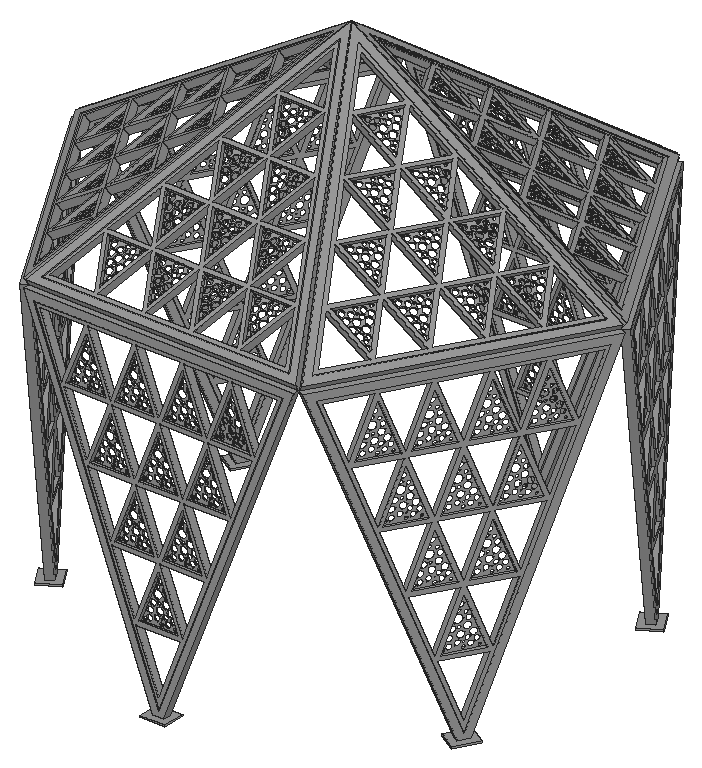
Revit family "Беседка «Трекант» Арт 19429", category Антураж, Revit 2018 (continued)
Dimensions and locks
  Extrusion 77 sketch curve to Extrusion 77 sketch curve to Extrusion 77 sketch curve to Extrusion 77 sketch curve to Extrusion 77 sketch curve to Extrusion 77 sketch curve to Extrusion 77 sketch curve to Extrusion 77 sketch curve to Extrusion 77 sketch curve to Extrusion 77 sketch curve = 331.624 mm, 25 mm locked, 331.5 mm, 25 mm locked, 331.5 mm, 25 mm locked, 331.5 mm, 25 mm locked, 331.5 mm
  aligned and locked: level to plane 2
Automatic sketch dimensions
  curve 12 to plane 8 "123" = 4.592 mm
  plane 5 to curve 12 = 2545 mm
  curve 16 to plane 8 "123" = 476.44 mm
  curve 12 to curve 16 = 1222.724 mm
  curve 16 to curve 15 = 9.597 mm
  curve 19 to plane 8 "123" = 75.01 mm
  curve 16 to curve 19 = 154.094 mm
  curve 15 to curve 17 = 154.098 mm
  curve 17 to curve 14 = 9.597 mm
  curve 19 to curve 21 = 173.294 mm
  curve 14 to curve 18 = 154.098 mm
  curve 18 to curve 13 = 9.597 mm
  curve 21 to curve 19 = 173.294 mm
  curve 20 to plane 8 "123" = 75.01 mm
  curve 19 to curve 20 = 308.189 mm
  curve 13 to curve 13 = 635.579 mm
  curve 13 to curve 18 = 9.597 mm
  curve 20 to curve 22 = 173.294 mm
  curve 18 to curve 14 = 154.098 mm
  curve 14 to curve 17 = 9.597 mm
  curve 22 to curve 20 = 173.294 mm
  curve 17 to curve 15 = 154.098 mm
  curve 15 to curve 16 = 9.597 mm
  curve 16 to curve 12 = 1467.724 mm
  curve 1 to plane 8 "123" = 4.592 mm
  curve 12 to curve 1 = 900 mm
  curve 5 to plane 8 "123" = 476.44 mm
  curve 1 to curve 5 = 1222.724 mm
  curve 5 to curve 4 = 9.597 mm
  curve 8 to plane 8 "123" = 75.01 mm
  curve 5 to curve 8 = 154.094 mm
  curve 4 to curve 6 = 154.098 mm
  curve 6 to curve 3 = 9.597 mm
  curve 8 to curve 10 = 173.294 mm
  curve 3 to curve 7 = 154.098 mm
  curve 7 to curve 2 = 9.597 mm
  curve 10 to curve 8 = 173.294 mm
  curve 9 to plane 8 "123" = 75.01 mm
  curve 8 to curve 9 = 308.189 mm
  curve 2 to curve 2 = 635.579 mm
  curve 2 to curve 7 = 9.597 mm
  curve 9 to curve 11 = 173.294 mm
  curve 7 to curve 3 = 154.098 mm
  curve 3 to curve 6 = 9.597 mm
  curve 11 to curve 9 = 173.294 mm
  curve 6 to curve 4 = 154.098 mm
  curve 4 to curve 5 = 9.597 mm
  curve 5 to curve 1 = 1467.724 mm
  curve 11 to curve 11 = 120 mm
  curve 22 to curve 22 = 120 mm
  curve 21 to curve 21 = 120 mm
  curve 10 to curve 10 = 120 mm
  curve 4 to curve 5 = 25 mm
  curve 15 to curve 16 = 25 mm
  curve 6 to curve 4 = 401.44 mm
  curve 17 to curve 15 = 401.44 mm
  curve 3 to curve 6 = 25 mm
  curve 14 to curve 17 = 25 mm
  curve 7 to curve 3 = 401.44 mm
  curve 18 to curve 14 = 401.44 mm
  curve 13 to curve 18 = 25 mm
  curve 2 to curve 7 = 25 mm
  Extrusion 1 sketch curve to plane 8 "123" = 0 mm
  Extrusion 1 sketch curve to level = 0 mm
  plane 3 "По центру (Влево/Вправо)" to Extrusion 1 sketch curve = 959.5 mm
  Extrusion 1 sketch curve to plane 8 "123" = 50 mm
  Extrusion 1 sketch curve to Extrusion 1 sketch curve = 72.75 mm  (x2)
  plane 3 "По центру (Влево/Вправо)" to Extrusion 1 sketch curve = 1842.231 mm
  level to Extrusion 1 sketch curve = 47.642 mm
  Extrusion 1 sketch curve to Extrusion 1 sketch curve = 35.269 mm  (x2)
  Extrusion 1 sketch curve to plane 5 = 1032.25 mm
  Extrusion 2 sketch curve to plane 8 "123" = 50 mm
  plane 3 "По центру (Влево/Вправо)" to Extrusion 2 sketch curve = 1032.25 mm
  Extrusion 2 sketch curve to Extrusion 2 sketch curve = 36.379 mm  (x2)
  Extrusion 2 sketch curve to plane 8 "123" = 476.44 mm  (x7)
  Extrusion 2 sketch curve to Extrusion 2 sketch curve = 154.094 mm  (x2)
  Extrusion 2 sketch curve to plane 8 "123" = 501.44 mm  (x4)
  Extrusion 2 sketch curve to Extrusion 2 sketch curve = 9.597 mm  (x13)
  Extrusion 2 sketch curve to Extrusion 2 sketch curve = 26.779 mm  (x8)
  Extrusion 2 sketch curve to plane 8 "123" = 75.01 mm  (x5)
  Extrusion 2 sketch curve to Extrusion 2 sketch curve = 308.189 mm  (x5)
  Extrusion 2 sketch curve to plane 8 "123" = 119.771 mm  (x4)
  Extrusion 2 sketch curve to Extrusion 2 sketch curve = 154.098 mm  (x3)
  Extrusion 2 sketch curve to Extrusion 2 sketch curve = 19.199 mm  (x4)
  Extrusion 2 sketch curve to Extrusion 2 sketch curve = 273.825 mm  (x10)
  Extrusion 2 sketch curve to Extrusion 2 sketch curve = 17.19 mm  (x4)
  Extrusion 2 sketch curve to plane 8 "123" = 546.211 mm  (x3)
  Extrusion 2 sketch curve to Extrusion 2 sketch curve = 9.593 mm  (x5)
  Extrusion 2 sketch curve to Extrusion 2 sketch curve = 9.595 mm  (x5)
  Extrusion 2 sketch curve to Extrusion 2 sketch curve = 19.191 mm  (x2)
  level to Extrusion 2 sketch curve = 543.832 mm  (x2)
  Extrusion 2 sketch curve to Extrusion 2 sketch curve = 19.189 mm  (x2)
  level to Extrusion 2 sketch curve = 47.642 mm
  level to Extrusion 2 sketch curve = 117.402 mm
  Extrusion 2 sketch curve to Extrusion 2 sketch curve = 0 mm  (x9)
  level to Extrusion 2 sketch curve = 900.501 mm
  Extrusion 2 sketch curve to Extrusion 2 sketch curve = 19.181 mm
  Extrusion 2 sketch curve to Extrusion 2 sketch curve = 19.185 mm
  Extrusion 2 sketch curve to Extrusion 2 sketch curve = 26.781 mm
  level to Extrusion 2 sketch curve = 518.832 mm
  Extrusion 2 sketch curve to Extrusion 2 sketch curve = 17.182 mm
  Extrusion 2 sketch curve to Extrusion 2 sketch curve = 17.188 mm  (x3)
  Extrusion 2 sketch curve to Extrusion 2 sketch curve = 9.591 mm
  Extrusion 2 sketch curve to Extrusion 2 sketch curve = 26.785 mm
  Extrusion 2 sketch curve to Extrusion 2 sketch curve = 17.184 mm
  Extrusion 2 sketch curve to Extrusion 2 sketch curve = 17.186 mm
  Extrusion 2 sketch curve to Extrusion 2 sketch curve = 44.771 mm  (x3)
  Extrusion 2 sketch curve to Extrusion 2 sketch curve = 25 mm  (x8)
  Extrusion 2 sketch curve to Extrusion 2 sketch curve = 356.669 mm
  Extrusion 2 sketch curve to Extrusion 2 sketch curve = 24.99 mm
  Extrusion 2 sketch curve to Extrusion 2 sketch curve = 0.01 mm
  Extrusion 3 sketch curve to plane 8 "123" = 476.44 mm
  plane 3 "По центру (Влево/Вправо)" to Extrusion 3 sketch curve = 1249.503 mm
  Extrusion 3 sketch curve to Extrusion 3 sketch curve = 26.608 mm
  Extrusion 3 sketch curve to Extrusion 3 sketch curve = 34.088 mm
  Extrusion 3 sketch curve to Extrusion 3 sketch curve = 1.206 mm
  Extrusion 3 sketch curve to Extrusion 3 sketch curve = 21.176 mm
  Extrusion 3 sketch curve to Extrusion 3 sketch curve = 49.958 mm
  Extrusion 3 sketch curve to Extrusion 3 sketch curve = 31.469 mm
  Extrusion 3 sketch curve to Extrusion 3 sketch curve = 0.052 mm
  Extrusion 3 sketch curve to Extrusion 3 sketch curve = 38.438 mm
  Extrusion 3 sketch curve to Extrusion 3 sketch curve = 6.752 mm
  Extrusion 3 sketch curve to Extrusion 3 sketch curve = 16.343 mm
  Extrusion 3 sketch curve to plane 8 "123" = 119.771 mm
  Extrusion 3 sketch curve to Extrusion 3 sketch curve = 5.971 mm
  Extrusion 3 sketch curve to Extrusion 3 sketch curve = 34.201 mm
  Extrusion 3 sketch curve to Extrusion 3 sketch curve = 1.495 mm
  Extrusion 3 sketch curve to Extrusion 3 sketch curve = 44.825 mm
  Extrusion 3 sketch curve to Extrusion 3 sketch curve = 21.489 mm
  Extrusion 3 sketch curve to Extrusion 3 sketch curve = 46.74 mm
  Extrusion 3 sketch curve to Extrusion 3 sketch curve = 17.599 mm
  Extrusion 3 sketch curve to Extrusion 3 sketch curve = 18.342 mm
  Extrusion 3 sketch curve to Extrusion 3 sketch curve = 34.657 mm
  Extrusion 3 sketch curve to Extrusion 3 sketch curve = 35.947 mm
  Extrusion 3 sketch curve to Extrusion 3 sketch curve = 15.165 mm
  Extrusion 3 sketch curve to Extrusion 3 sketch curve = 36.532 mm
  Extrusion 3 sketch curve to Extrusion 3 sketch curve = 17.608 mm
  Extrusion 3 sketch curve to Extrusion 3 sketch curve = 17.736 mm
  Extrusion 3 sketch curve to Extrusion 3 sketch curve = 18.246 mm
  Extrusion 3 sketch curve to Extrusion 3 sketch curve = 14.653 mm
  Extrusion 3 sketch curve to Extrusion 3 sketch curve = 16.154 mm
  Extrusion 3 sketch curve to Extrusion 3 sketch curve = 31.299 mm
  Extrusion 3 sketch curve to Extrusion 3 sketch curve = 31.936 mm
  Extrusion 3 sketch curve to Extrusion 3 sketch curve = 25.851 mm
  Extrusion 3 sketch curve to Extrusion 3 sketch curve = 22.422 mm
  Extrusion 3 sketch curve to Extrusion 3 sketch curve = 51.657 mm
  Extrusion 3 sketch curve to Extrusion 3 sketch curve = 25.059 mm
  Extrusion 3 sketch curve to Extrusion 3 sketch curve = 30.603 mm
  Extrusion 3 sketch curve to Extrusion 3 sketch curve = 51.382 mm
  Extrusion 3 sketch curve to Extrusion 3 sketch curve = 6.429 mm
  Extrusion 3 sketch curve to Extrusion 3 sketch curve = 3.118 mm
  Extrusion 3 sketch curve to Extrusion 3 sketch curve = 47.115 mm
  Extrusion 3 sketch curve to Extrusion 3 sketch curve = 50.724 mm
  Extrusion 3 sketch curve to Extrusion 3 sketch curve = 37.627 mm
  Extrusion 3 sketch curve to Extrusion 3 sketch curve = 11.104 mm
  Extrusion 3 sketch curve to Extrusion 3 sketch curve = 38.537 mm
  Extrusion 4 sketch curve to plane 8 "123" = 476.44 mm
  plane 3 "По центру (Влево/Вправо)" to Extrusion 4 sketch curve = 1576.891 mm
  Extrusion 4 sketch curve to Extrusion 4 sketch curve = 26.608 mm
  Extrusion 4 sketch curve to Extrusion 4 sketch curve = 34.088 mm
  Extrusion 4 sketch curve to Extrusion 4 sketch curve = 1.206 mm
  Extrusion 4 sketch curve to Extrusion 4 sketch curve = 21.176 mm
  Extrusion 4 sketch curve to Extrusion 4 sketch curve = 49.958 mm
  Extrusion 4 sketch curve to Extrusion 4 sketch curve = 31.469 mm
  Extrusion 4 sketch curve to Extrusion 4 sketch curve = 0.052 mm
  Extrusion 4 sketch curve to Extrusion 4 sketch curve = 38.438 mm
  Extrusion 4 sketch curve to Extrusion 4 sketch curve = 6.752 mm
  Extrusion 4 sketch curve to Extrusion 4 sketch curve = 16.343 mm
  Extrusion 4 sketch curve to plane 8 "123" = 119.771 mm
  Extrusion 4 sketch curve to Extrusion 4 sketch curve = 5.971 mm
  Extrusion 4 sketch curve to Extrusion 4 sketch curve = 34.201 mm
  Extrusion 4 sketch curve to Extrusion 4 sketch curve = 1.495 mm
  Extrusion 4 sketch curve to Extrusion 4 sketch curve = 44.825 mm
  Extrusion 4 sketch curve to Extrusion 4 sketch curve = 21.489 mm
  Extrusion 4 sketch curve to Extrusion 4 sketch curve = 46.74 mm
  Extrusion 4 sketch curve to Extrusion 4 sketch curve = 17.599 mm
  Extrusion 4 sketch curve to Extrusion 4 sketch curve = 18.342 mm
  Extrusion 4 sketch curve to Extrusion 4 sketch curve = 34.657 mm
  Extrusion 4 sketch curve to Extrusion 4 sketch curve = 35.947 mm
  Extrusion 4 sketch curve to Extrusion 4 sketch curve = 15.165 mm
  Extrusion 4 sketch curve to Extrusion 4 sketch curve = 36.532 mm
  Extrusion 4 sketch curve to Extrusion 4 sketch curve = 17.608 mm
  Extrusion 4 sketch curve to Extrusion 4 sketch curve = 17.736 mm
  Extrusion 4 sketch curve to Extrusion 4 sketch curve = 18.246 mm
  Extrusion 4 sketch curve to Extrusion 4 sketch curve = 14.653 mm
  Extrusion 4 sketch curve to Extrusion 4 sketch curve = 16.154 mm
  Extrusion 4 sketch curve to Extrusion 4 sketch curve = 31.299 mm
  Extrusion 4 sketch curve to Extrusion 4 sketch curve = 31.936 mm
  Extrusion 4 sketch curve to Extrusion 4 sketch curve = 25.851 mm
  Extrusion 4 sketch curve to Extrusion 4 sketch curve = 22.422 mm
  Extrusion 4 sketch curve to Extrusion 4 sketch curve = 51.657 mm
  Extrusion 4 sketch curve to Extrusion 4 sketch curve = 25.059 mm
  Extrusion 4 sketch curve to Extrusion 4 sketch curve = 30.603 mm
  Extrusion 4 sketch curve to Extrusion 4 sketch curve = 51.382 mm
  Extrusion 4 sketch curve to Extrusion 4 sketch curve = 6.429 mm
  Extrusion 4 sketch curve to Extrusion 4 sketch curve = 3.118 mm
  Extrusion 4 sketch curve to Extrusion 4 sketch curve = 47.115 mm
  Extrusion 4 sketch curve to Extrusion 4 sketch curve = 50.724 mm
  Extrusion 4 sketch curve to Extrusion 4 sketch curve = 37.627 mm
  Extrusion 4 sketch curve to Extrusion 4 sketch curve = 11.104 mm
  Extrusion 4 sketch curve to Extrusion 4 sketch curve = 38.537 mm
  Extrusion 5 sketch curve to plane 8 "123" = 476.44 mm
  Extrusion 5 sketch curve to plane 5 = 1850.721 mm
  Extrusion 5 sketch curve to Extrusion 5 sketch curve = 26.608 mm
  Extrusion 5 sketch curve to Extrusion 5 sketch curve = 34.088 mm
  Extrusion 5 sketch curve to Extrusion 5 sketch curve = 1.206 mm
  Extrusion 5 sketch curve to Extrusion 5 sketch curve = 21.176 mm
  Extrusion 5 sketch curve to Extrusion 5 sketch curve = 49.958 mm
  Extrusion 5 sketch curve to Extrusion 5 sketch curve = 31.469 mm
  Extrusion 5 sketch curve to Extrusion 5 sketch curve = 0.052 mm
  Extrusion 5 sketch curve to Extrusion 5 sketch curve = 38.438 mm
  Extrusion 5 sketch curve to Extrusion 5 sketch curve = 6.752 mm
  Extrusion 5 sketch curve to Extrusion 5 sketch curve = 16.343 mm
  Extrusion 5 sketch curve to plane 8 "123" = 119.771 mm
  Extrusion 5 sketch curve to Extrusion 5 sketch curve = 5.971 mm
  Extrusion 5 sketch curve to Extrusion 5 sketch curve = 34.201 mm
  Extrusion 5 sketch curve to Extrusion 5 sketch curve = 1.495 mm
  Extrusion 5 sketch curve to Extrusion 5 sketch curve = 44.825 mm
  Extrusion 5 sketch curve to Extrusion 5 sketch curve = 21.489 mm
  Extrusion 5 sketch curve to Extrusion 5 sketch curve = 46.74 mm
  Extrusion 5 sketch curve to Extrusion 5 sketch curve = 17.599 mm
  Extrusion 5 sketch curve to Extrusion 5 sketch curve = 18.342 mm
  Extrusion 5 sketch curve to Extrusion 5 sketch curve = 34.657 mm
  Extrusion 5 sketch curve to Extrusion 5 sketch curve = 35.947 mm
  Extrusion 5 sketch curve to Extrusion 5 sketch curve = 15.165 mm
  Extrusion 5 sketch curve to Extrusion 5 sketch curve = 36.532 mm
  Extrusion 5 sketch curve to Extrusion 5 sketch curve = 17.608 mm
  Extrusion 5 sketch curve to Extrusion 5 sketch curve = 17.736 mm
  Extrusion 5 sketch curve to Extrusion 5 sketch curve = 18.246 mm
  Extrusion 5 sketch curve to Extrusion 5 sketch curve = 14.653 mm
  Extrusion 5 sketch curve to Extrusion 5 sketch curve = 16.154 mm
  Extrusion 5 sketch curve to Extrusion 5 sketch curve = 31.299 mm
  Extrusion 5 sketch curve to Extrusion 5 sketch curve = 31.936 mm
  Extrusion 5 sketch curve to Extrusion 5 sketch curve = 25.851 mm
  Extrusion 5 sketch curve to Extrusion 5 sketch curve = 22.422 mm
  Extrusion 5 sketch curve to Extrusion 5 sketch curve = 51.657 mm
  Extrusion 5 sketch curve to Extrusion 5 sketch curve = 25.059 mm
  Extrusion 5 sketch curve to Extrusion 5 sketch curve = 30.603 mm
  Extrusion 5 sketch curve to Extrusion 5 sketch curve = 51.382 mm
  Extrusion 5 sketch curve to Extrusion 5 sketch curve = 6.429 mm
  Extrusion 5 sketch curve to Extrusion 5 sketch curve = 3.118 mm
  Extrusion 5 sketch curve to Extrusion 5 sketch curve = 47.115 mm
  Extrusion 5 sketch curve to Extrusion 5 sketch curve = 50.724 mm
  Extrusion 5 sketch curve to Extrusion 5 sketch curve = 37.627 mm
  Extrusion 5 sketch curve to Extrusion 5 sketch curve = 11.104 mm
  Extrusion 5 sketch curve to Extrusion 5 sketch curve = 38.537 mm
  Extrusion 6 sketch curve to plane 8 "123" = 476.44 mm
  Extrusion 6 sketch curve to plane 5 = 1523.333 mm
  Extrusion 6 sketch curve to Extrusion 6 sketch curve = 26.608 mm
  Extrusion 6 sketch curve to Extrusion 6 sketch curve = 34.088 mm
  Extrusion 6 sketch curve to Extrusion 6 sketch curve = 1.206 mm
  Extrusion 6 sketch curve to Extrusion 6 sketch curve = 21.176 mm
  Extrusion 6 sketch curve to Extrusion 6 sketch curve = 49.958 mm
  Extrusion 6 sketch curve to Extrusion 6 sketch curve = 31.469 mm
  Extrusion 6 sketch curve to Extrusion 6 sketch curve = 0.052 mm
  Extrusion 6 sketch curve to Extrusion 6 sketch curve = 38.438 mm
  Extrusion 6 sketch curve to Extrusion 6 sketch curve = 6.752 mm
  Extrusion 6 sketch curve to Extrusion 6 sketch curve = 16.343 mm
  Extrusion 6 sketch curve to plane 8 "123" = 119.771 mm
  Extrusion 6 sketch curve to Extrusion 6 sketch curve = 5.971 mm
  Extrusion 6 sketch curve to Extrusion 6 sketch curve = 34.201 mm
  Extrusion 6 sketch curve to Extrusion 6 sketch curve = 1.495 mm
  Extrusion 6 sketch curve to Extrusion 6 sketch curve = 44.825 mm
  Extrusion 6 sketch curve to Extrusion 6 sketch curve = 21.489 mm
  Extrusion 6 sketch curve to Extrusion 6 sketch curve = 46.74 mm
  Extrusion 6 sketch curve to Extrusion 6 sketch curve = 17.599 mm
  Extrusion 6 sketch curve to Extrusion 6 sketch curve = 18.342 mm
  Extrusion 6 sketch curve to Extrusion 6 sketch curve = 34.657 mm
  Extrusion 6 sketch curve to Extrusion 6 sketch curve = 35.947 mm
  Extrusion 6 sketch curve to Extrusion 6 sketch curve = 15.165 mm
  Extrusion 6 sketch curve to Extrusion 6 sketch curve = 36.532 mm
  Extrusion 6 sketch curve to Extrusion 6 sketch curve = 17.608 mm
  Extrusion 6 sketch curve to Extrusion 6 sketch curve = 17.736 mm
  Extrusion 6 sketch curve to Extrusion 6 sketch curve = 18.246 mm
  Extrusion 6 sketch curve to Extrusion 6 sketch curve = 14.653 mm
  Extrusion 6 sketch curve to Extrusion 6 sketch curve = 16.154 mm
  Extrusion 6 sketch curve to Extrusion 6 sketch curve = 31.299 mm
  Extrusion 6 sketch curve to Extrusion 6 sketch curve = 31.936 mm
  Extrusion 6 sketch curve to Extrusion 6 sketch curve = 25.851 mm
  Extrusion 6 sketch curve to Extrusion 6 sketch curve = 22.422 mm
  Extrusion 6 sketch curve to Extrusion 6 sketch curve = 51.657 mm
  Extrusion 6 sketch curve to Extrusion 6 sketch curve = 25.059 mm
  Extrusion 6 sketch curve to Extrusion 6 sketch curve = 30.603 mm
  Extrusion 6 sketch curve to Extrusion 6 sketch curve = 51.382 mm
  Extrusion 6 sketch curve to Extrusion 6 sketch curve = 6.429 mm
  Extrusion 6 sketch curve to Extrusion 6 sketch curve = 3.118 mm
  Extrusion 6 sketch curve to Extrusion 6 sketch curve = 47.115 mm
  Extrusion 6 sketch curve to Extrusion 6 sketch curve = 50.724 mm
  Extrusion 6 sketch curve to Extrusion 6 sketch curve = 37.627 mm
  Extrusion 6 sketch curve to Extrusion 6 sketch curve = 11.104 mm
  Extrusion 6 sketch curve to Extrusion 6 sketch curve = 38.537 mm
  plane 3 "По центру (Влево/Вправо)" to Extrusion 7 sketch curve = 1413.198 mm
  Extrusion 7 sketch curve to Extrusion 7 sketch curve = 26.608 mm
  Extrusion 7 sketch curve to Extrusion 7 sketch curve = 34.088 mm
  Extrusion 7 sketch curve to Extrusion 7 sketch curve = 1.206 mm
  Extrusion 7 sketch curve to Extrusion 7 sketch curve = 21.176 mm
  Extrusion 7 sketch curve to Extrusion 7 sketch curve = 49.958 mm
  Extrusion 7 sketch curve to Extrusion 7 sketch curve = 31.469 mm
  Extrusion 7 sketch curve to Extrusion 7 sketch curve = 0.052 mm
  Extrusion 7 sketch curve to Extrusion 7 sketch curve = 38.438 mm
  Extrusion 7 sketch curve to Extrusion 7 sketch curve = 6.752 mm
  Extrusion 7 sketch curve to Extrusion 7 sketch curve = 16.343 mm
  Extrusion 7 sketch curve to plane 8 "123" = 546.211 mm
  Extrusion 7 sketch curve to Extrusion 7 sketch curve = 5.971 mm
  Extrusion 7 sketch curve to Extrusion 7 sketch curve = 34.201 mm
  Extrusion 7 sketch curve to Extrusion 7 sketch curve = 1.495 mm
  Extrusion 7 sketch curve to Extrusion 7 sketch curve = 44.825 mm
  Extrusion 7 sketch curve to Extrusion 7 sketch curve = 21.489 mm
  Extrusion 7 sketch curve to Extrusion 7 sketch curve = 46.74 mm
  Extrusion 7 sketch curve to Extrusion 7 sketch curve = 17.599 mm
  Extrusion 7 sketch curve to Extrusion 7 sketch curve = 18.342 mm
  Extrusion 7 sketch curve to Extrusion 7 sketch curve = 34.657 mm
  Extrusion 7 sketch curve to Extrusion 7 sketch curve = 35.947 mm
  Extrusion 7 sketch curve to Extrusion 7 sketch curve = 15.165 mm
  Extrusion 7 sketch curve to Extrusion 7 sketch curve = 36.532 mm
  Extrusion 7 sketch curve to Extrusion 7 sketch curve = 76.801 mm
  Extrusion 7 sketch curve to Extrusion 7 sketch curve = 38.537 mm
  Extrusion 7 sketch curve to Extrusion 7 sketch curve = 11.104 mm
  Extrusion 7 sketch curve to Extrusion 7 sketch curve = 48.241 mm
  Extrusion 7 sketch curve to Extrusion 7 sketch curve = 37.627 mm
  Extrusion 7 sketch curve to Extrusion 7 sketch curve = 47.115 mm
  Extrusion 7 sketch curve to Extrusion 7 sketch curve = 3.118 mm
  Extrusion 7 sketch curve to Extrusion 7 sketch curve = 6.429 mm
  Extrusion 7 sketch curve to Extrusion 7 sketch curve = 42.916 mm
  Extrusion 7 sketch curve to Extrusion 7 sketch curve = 45.343 mm
  Extrusion 7 sketch curve to Extrusion 7 sketch curve = 51.382 mm
  Extrusion 7 sketch curve to Extrusion 7 sketch curve = 30.603 mm
  Extrusion 7 sketch curve to Extrusion 7 sketch curve = 42.956 mm
  Extrusion 7 sketch curve to Extrusion 7 sketch curve = 22.422 mm
  Extrusion 7 sketch curve to Extrusion 7 sketch curve = 0.638 mm
  Extrusion 7 sketch curve to Extrusion 7 sketch curve = 38.204 mm
  Extrusion 7 sketch curve to Extrusion 7 sketch curve = 51.657 mm
  Extrusion 7 sketch curve to Extrusion 7 sketch curve = 14.653 mm
  Extrusion 7 sketch curve to Extrusion 7 sketch curve = 41.877 mm
  Extrusion 7 sketch curve to Extrusion 7 sketch curve = 31.936 mm
  Extrusion 7 sketch curve to Extrusion 7 sketch curve = 17.736 mm
  plane 3 "По центру (Влево/Вправо)" to Extrusion 8 sketch curve = 1740.586 mm
  Extrusion 8 sketch curve to Extrusion 8 sketch curve = 26.608 mm
  Extrusion 8 sketch curve to Extrusion 8 sketch curve = 34.088 mm
  Extrusion 8 sketch curve to Extrusion 8 sketch curve = 1.206 mm
  Extrusion 8 sketch curve to Extrusion 8 sketch curve = 21.176 mm
  Extrusion 8 sketch curve to Extrusion 8 sketch curve = 49.958 mm
  Extrusion 8 sketch curve to Extrusion 8 sketch curve = 31.469 mm
  Extrusion 8 sketch curve to Extrusion 8 sketch curve = 0.052 mm
  Extrusion 8 sketch curve to Extrusion 8 sketch curve = 38.438 mm
  Extrusion 8 sketch curve to Extrusion 8 sketch curve = 6.752 mm
  Extrusion 8 sketch curve to Extrusion 8 sketch curve = 16.343 mm
  Extrusion 8 sketch curve to plane 8 "123" = 546.211 mm
  Extrusion 8 sketch curve to Extrusion 8 sketch curve = 5.971 mm
  Extrusion 8 sketch curve to Extrusion 8 sketch curve = 34.201 mm
  Extrusion 8 sketch curve to Extrusion 8 sketch curve = 1.495 mm
  Extrusion 8 sketch curve to Extrusion 8 sketch curve = 44.825 mm
  Extrusion 8 sketch curve to Extrusion 8 sketch curve = 21.489 mm
  Extrusion 8 sketch curve to Extrusion 8 sketch curve = 46.74 mm
  Extrusion 8 sketch curve to Extrusion 8 sketch curve = 17.599 mm
  Extrusion 8 sketch curve to Extrusion 8 sketch curve = 18.342 mm
  Extrusion 8 sketch curve to Extrusion 8 sketch curve = 34.657 mm
  Extrusion 8 sketch curve to Extrusion 8 sketch curve = 35.947 mm
  Extrusion 8 sketch curve to Extrusion 8 sketch curve = 15.165 mm
  Extrusion 8 sketch curve to Extrusion 8 sketch curve = 36.532 mm
  Extrusion 8 sketch curve to Extrusion 8 sketch curve = 76.801 mm
  Extrusion 8 sketch curve to Extrusion 8 sketch curve = 38.537 mm
  Extrusion 8 sketch curve to Extrusion 8 sketch curve = 11.104 mm
  Extrusion 8 sketch curve to Extrusion 8 sketch curve = 48.241 mm
  Extrusion 8 sketch curve to Extrusion 8 sketch curve = 37.627 mm
  Extrusion 8 sketch curve to Extrusion 8 sketch curve = 47.115 mm
  Extrusion 8 sketch curve to Extrusion 8 sketch curve = 3.118 mm
  Extrusion 8 sketch curve to Extrusion 8 sketch curve = 6.429 mm
  Extrusion 8 sketch curve to Extrusion 8 sketch curve = 42.916 mm
  Extrusion 8 sketch curve to Extrusion 8 sketch curve = 45.343 mm
  Extrusion 8 sketch curve to Extrusion 8 sketch curve = 51.382 mm
  Extrusion 8 sketch curve to Extrusion 8 sketch curve = 30.603 mm
  Extrusion 8 sketch curve to Extrusion 8 sketch curve = 42.956 mm
  Extrusion 8 sketch curve to Extrusion 8 sketch curve = 22.422 mm
  Extrusion 8 sketch curve to Extrusion 8 sketch curve = 0.638 mm
  Extrusion 8 sketch curve to Extrusion 8 sketch curve = 38.204 mm
  Extrusion 8 sketch curve to Extrusion 8 sketch curve = 51.657 mm
  Extrusion 8 sketch curve to Extrusion 8 sketch curve = 14.653 mm
  Extrusion 8 sketch curve to Extrusion 8 sketch curve = 41.877 mm
  Extrusion 8 sketch curve to Extrusion 8 sketch curve = 31.936 mm
  Extrusion 8 sketch curve to Extrusion 8 sketch curve = 17.736 mm
  Extrusion 9 sketch curve to plane 5 = 1687.026 mm
  Extrusion 9 sketch curve to Extrusion 9 sketch curve = 26.608 mm
  Extrusion 9 sketch curve to Extrusion 9 sketch curve = 34.088 mm
  Extrusion 9 sketch curve to Extrusion 9 sketch curve = 1.206 mm
  Extrusion 9 sketch curve to Extrusion 9 sketch curve = 21.176 mm
  Extrusion 9 sketch curve to Extrusion 9 sketch curve = 49.958 mm
  Extrusion 9 sketch curve to Extrusion 9 sketch curve = 31.469 mm
  Extrusion 9 sketch curve to Extrusion 9 sketch curve = 0.052 mm
  Extrusion 9 sketch curve to Extrusion 9 sketch curve = 38.438 mm
  Extrusion 9 sketch curve to Extrusion 9 sketch curve = 6.752 mm
  Extrusion 9 sketch curve to Extrusion 9 sketch curve = 16.343 mm
  Extrusion 9 sketch curve to plane 8 "123" = 546.211 mm
  Extrusion 9 sketch curve to Extrusion 9 sketch curve = 5.971 mm
  Extrusion 9 sketch curve to Extrusion 9 sketch curve = 34.201 mm
  Extrusion 9 sketch curve to Extrusion 9 sketch curve = 1.495 mm
  Extrusion 9 sketch curve to Extrusion 9 sketch curve = 44.825 mm
  Extrusion 9 sketch curve to Extrusion 9 sketch curve = 21.489 mm
  Extrusion 9 sketch curve to Extrusion 9 sketch curve = 46.74 mm
  Extrusion 9 sketch curve to Extrusion 9 sketch curve = 17.599 mm
  Extrusion 9 sketch curve to Extrusion 9 sketch curve = 18.342 mm
  Extrusion 9 sketch curve to Extrusion 9 sketch curve = 34.657 mm
  Extrusion 9 sketch curve to Extrusion 9 sketch curve = 35.947 mm
  Extrusion 9 sketch curve to Extrusion 9 sketch curve = 15.165 mm
  Extrusion 9 sketch curve to Extrusion 9 sketch curve = 36.532 mm
  Extrusion 9 sketch curve to Extrusion 9 sketch curve = 76.801 mm
  Extrusion 9 sketch curve to Extrusion 9 sketch curve = 38.537 mm
  Extrusion 9 sketch curve to Extrusion 9 sketch curve = 11.104 mm
  Extrusion 9 sketch curve to Extrusion 9 sketch curve = 48.241 mm
  Extrusion 9 sketch curve to Extrusion 9 sketch curve = 37.627 mm
  Extrusion 9 sketch curve to Extrusion 9 sketch curve = 47.115 mm
  Extrusion 9 sketch curve to Extrusion 9 sketch curve = 3.118 mm
  Extrusion 9 sketch curve to Extrusion 9 sketch curve = 6.429 mm
  Extrusion 9 sketch curve to Extrusion 9 sketch curve = 42.916 mm
  Extrusion 9 sketch curve to Extrusion 9 sketch curve = 45.343 mm
  Extrusion 9 sketch curve to Extrusion 9 sketch curve = 51.382 mm
  Extrusion 9 sketch curve to Extrusion 9 sketch curve = 30.603 mm
  Extrusion 9 sketch curve to Extrusion 9 sketch curve = 42.956 mm
  Extrusion 9 sketch curve to Extrusion 9 sketch curve = 22.422 mm
  Extrusion 9 sketch curve to Extrusion 9 sketch curve = 0.638 mm
  Extrusion 9 sketch curve to Extrusion 9 sketch curve = 38.204 mm
  Extrusion 9 sketch curve to Extrusion 9 sketch curve = 51.657 mm
  Extrusion 9 sketch curve to Extrusion 9 sketch curve = 14.653 mm
  Extrusion 9 sketch curve to Extrusion 9 sketch curve = 41.877 mm
  Extrusion 9 sketch curve to Extrusion 9 sketch curve = 31.936 mm
  Extrusion 9 sketch curve to Extrusion 9 sketch curve = 17.736 mm
  plane 3 "По центру (Влево/Вправо)" to Extrusion 10 sketch curve = 1576.893 mm
  Extrusion 10 sketch curve to Extrusion 10 sketch curve = 26.608 mm
  Extrusion 10 sketch curve to Extrusion 10 sketch curve = 34.088 mm
  Extrusion 10 sketch curve to Extrusion 10 sketch curve = 1.206 mm
  Extrusion 10 sketch curve to Extrusion 10 sketch curve = 21.176 mm
  Extrusion 10 sketch curve to Extrusion 10 sketch curve = 49.958 mm
  Extrusion 10 sketch curve to Extrusion 10 sketch curve = 31.469 mm
  Extrusion 10 sketch curve to Extrusion 10 sketch curve = 0.052 mm
  Extrusion 10 sketch curve to Extrusion 10 sketch curve = 38.438 mm
  Extrusion 10 sketch curve to Extrusion 10 sketch curve = 6.752 mm
  Extrusion 10 sketch curve to Extrusion 10 sketch curve = 16.343 mm
  Extrusion 10 sketch curve to Extrusion 10 sketch curve = 5.971 mm
  Extrusion 10 sketch curve to Extrusion 10 sketch curve = 34.201 mm
  Extrusion 10 sketch curve to Extrusion 10 sketch curve = 1.495 mm
  Extrusion 10 sketch curve to Extrusion 10 sketch curve = 44.825 mm
  Extrusion 10 sketch curve to Extrusion 10 sketch curve = 21.489 mm
  Extrusion 10 sketch curve to Extrusion 10 sketch curve = 46.74 mm
  Extrusion 10 sketch curve to Extrusion 10 sketch curve = 17.599 mm
  Extrusion 10 sketch curve to Extrusion 10 sketch curve = 18.342 mm
  Extrusion 10 sketch curve to Extrusion 10 sketch curve = 34.657 mm
  Extrusion 10 sketch curve to Extrusion 10 sketch curve = 35.947 mm
  Extrusion 10 sketch curve to Extrusion 10 sketch curve = 15.165 mm
  Extrusion 10 sketch curve to Extrusion 10 sketch curve = 36.532 mm
  level to Extrusion 10 sketch curve = 970.272 mm
  Extrusion 10 sketch curve to Extrusion 10 sketch curve = 17.608 mm
  Extrusion 10 sketch curve to Extrusion 10 sketch curve = 17.736 mm
  Extrusion 10 sketch curve to Extrusion 10 sketch curve = 18.246 mm
  Extrusion 10 sketch curve to Extrusion 10 sketch curve = 14.653 mm
  Extrusion 10 sketch curve to Extrusion 10 sketch curve = 16.154 mm
  Extrusion 10 sketch curve to Extrusion 10 sketch curve = 31.299 mm
  Extrusion 10 sketch curve to Extrusion 10 sketch curve = 31.936 mm
  Extrusion 10 sketch curve to Extrusion 10 sketch curve = 25.851 mm
  Extrusion 10 sketch curve to Extrusion 10 sketch curve = 22.422 mm
  Extrusion 10 sketch curve to Extrusion 10 sketch curve = 51.657 mm
  Extrusion 10 sketch curve to Extrusion 10 sketch curve = 25.059 mm
  Extrusion 10 sketch curve to Extrusion 10 sketch curve = 30.603 mm
  Extrusion 10 sketch curve to Extrusion 10 sketch curve = 51.382 mm
  Extrusion 10 sketch curve to Extrusion 10 sketch curve = 6.429 mm
  Extrusion 10 sketch curve to Extrusion 10 sketch curve = 3.118 mm
  Extrusion 10 sketch curve to Extrusion 10 sketch curve = 47.115 mm
  Extrusion 10 sketch curve to Extrusion 10 sketch curve = 50.724 mm
  Extrusion 10 sketch curve to Extrusion 10 sketch curve = 37.627 mm
  Extrusion 10 sketch curve to Extrusion 10 sketch curve = 11.104 mm
  Extrusion 10 sketch curve to Extrusion 10 sketch curve = 38.537 mm
  Extrusion 10 sketch curve to Extrusion 10 sketch curve = 76.801 mm
  Extrusion 11 sketch curve to plane 5 = 1850.719 mm
  Extrusion 11 sketch curve to Extrusion 11 sketch curve = 26.608 mm
  Extrusion 11 sketch curve to Extrusion 11 sketch curve = 34.088 mm
  Extrusion 11 sketch curve to Extrusion 11 sketch curve = 1.206 mm
  Extrusion 11 sketch curve to Extrusion 11 sketch curve = 21.176 mm
  Extrusion 11 sketch curve to Extrusion 11 sketch curve = 49.958 mm
  Extrusion 11 sketch curve to Extrusion 11 sketch curve = 31.469 mm
  Extrusion 11 sketch curve to Extrusion 11 sketch curve = 0.052 mm
  Extrusion 11 sketch curve to Extrusion 11 sketch curve = 38.438 mm
  Extrusion 11 sketch curve to Extrusion 11 sketch curve = 6.752 mm
  Extrusion 11 sketch curve to Extrusion 11 sketch curve = 16.343 mm
  Extrusion 11 sketch curve to Extrusion 11 sketch curve = 5.971 mm
  Extrusion 11 sketch curve to Extrusion 11 sketch curve = 34.201 mm
  Extrusion 11 sketch curve to Extrusion 11 sketch curve = 1.495 mm
  Extrusion 11 sketch curve to Extrusion 11 sketch curve = 44.825 mm
  Extrusion 11 sketch curve to Extrusion 11 sketch curve = 21.489 mm
  Extrusion 11 sketch curve to Extrusion 11 sketch curve = 46.74 mm
  Extrusion 11 sketch curve to Extrusion 11 sketch curve = 17.599 mm
  Extrusion 11 sketch curve to Extrusion 11 sketch curve = 18.342 mm
  Extrusion 11 sketch curve to Extrusion 11 sketch curve = 34.657 mm
  Extrusion 11 sketch curve to Extrusion 11 sketch curve = 35.947 mm
  Extrusion 11 sketch curve to Extrusion 11 sketch curve = 15.165 mm
  Extrusion 11 sketch curve to Extrusion 11 sketch curve = 36.532 mm
  level to Extrusion 11 sketch curve = 970.272 mm
  Extrusion 11 sketch curve to Extrusion 11 sketch curve = 17.608 mm
  Extrusion 11 sketch curve to Extrusion 11 sketch curve = 17.736 mm
  Extrusion 11 sketch curve to Extrusion 11 sketch curve = 18.246 mm
  Extrusion 11 sketch curve to Extrusion 11 sketch curve = 14.653 mm
  Extrusion 11 sketch curve to Extrusion 11 sketch curve = 16.154 mm
  Extrusion 11 sketch curve to Extrusion 11 sketch curve = 31.299 mm
  Extrusion 11 sketch curve to Extrusion 11 sketch curve = 31.936 mm
  Extrusion 11 sketch curve to Extrusion 11 sketch curve = 25.851 mm
  Extrusion 11 sketch curve to Extrusion 11 sketch curve = 22.422 mm
  Extrusion 11 sketch curve to Extrusion 11 sketch curve = 51.657 mm
  Extrusion 11 sketch curve to Extrusion 11 sketch curve = 25.059 mm
  Extrusion 11 sketch curve to Extrusion 11 sketch curve = 30.603 mm
  Extrusion 11 sketch curve to Extrusion 11 sketch curve = 51.382 mm
  Extrusion 11 sketch curve to Extrusion 11 sketch curve = 6.429 mm
  Extrusion 11 sketch curve to Extrusion 11 sketch curve = 3.118 mm
  Extrusion 11 sketch curve to Extrusion 11 sketch curve = 47.115 mm
  Extrusion 11 sketch curve to Extrusion 11 sketch curve = 50.724 mm
  Extrusion 11 sketch curve to Extrusion 11 sketch curve = 37.627 mm
  Extrusion 11 sketch curve to Extrusion 11 sketch curve = 11.104 mm
  Extrusion 11 sketch curve to Extrusion 11 sketch curve = 38.537 mm
  Extrusion 11 sketch curve to Extrusion 11 sketch curve = 76.801 mm
  level to Extrusion 12 sketch curve = 543.832 mm
  plane 3 "По центру (Влево/Вправо)" to Extrusion 12 sketch curve = 1740.588 mm
  Extrusion 12 sketch curve to Extrusion 12 sketch curve = 26.608 mm
  Extrusion 12 sketch curve to Extrusion 12 sketch curve = 34.088 mm
  Extrusion 12 sketch curve to Extrusion 12 sketch curve = 1.206 mm
  Extrusion 12 sketch curve to Extrusion 12 sketch curve = 21.176 mm
  Extrusion 12 sketch curve to Extrusion 12 sketch curve = 49.958 mm
  Extrusion 12 sketch curve to Extrusion 12 sketch curve = 31.469 mm
  Extrusion 12 sketch curve to Extrusion 12 sketch curve = 0.052 mm
  Extrusion 12 sketch curve to Extrusion 12 sketch curve = 38.438 mm
  Extrusion 12 sketch curve to Extrusion 12 sketch curve = 6.752 mm
  Extrusion 12 sketch curve to Extrusion 12 sketch curve = 16.343 mm
  level to Extrusion 12 sketch curve = 900.501 mm
  Extrusion 12 sketch curve to Extrusion 12 sketch curve = 5.971 mm
  Extrusion 12 sketch curve to Extrusion 12 sketch curve = 34.201 mm
  Extrusion 12 sketch curve to Extrusion 12 sketch curve = 1.495 mm
  Extrusion 12 sketch curve to Extrusion 12 sketch curve = 44.825 mm
  Extrusion 12 sketch curve to Extrusion 12 sketch curve = 21.489 mm
  Extrusion 12 sketch curve to Extrusion 12 sketch curve = 46.74 mm
  Extrusion 12 sketch curve to Extrusion 12 sketch curve = 17.599 mm
  Extrusion 12 sketch curve to Extrusion 12 sketch curve = 18.342 mm
  Extrusion 12 sketch curve to Extrusion 12 sketch curve = 34.657 mm
  Extrusion 12 sketch curve to Extrusion 12 sketch curve = 35.947 mm
  Extrusion 12 sketch curve to Extrusion 12 sketch curve = 15.165 mm
  Extrusion 12 sketch curve to Extrusion 12 sketch curve = 36.532 mm
  Extrusion 12 sketch curve to Extrusion 12 sketch curve = 17.608 mm
  Extrusion 12 sketch curve to Extrusion 12 sketch curve = 17.736 mm
  Extrusion 12 sketch curve to Extrusion 12 sketch curve = 18.246 mm
  Extrusion 12 sketch curve to Extrusion 12 sketch curve = 14.653 mm
  Extrusion 12 sketch curve to Extrusion 12 sketch curve = 16.154 mm
  Extrusion 12 sketch curve to Extrusion 12 sketch curve = 31.299 mm
  Extrusion 12 sketch curve to Extrusion 12 sketch curve = 31.936 mm
  Extrusion 12 sketch curve to Extrusion 12 sketch curve = 25.851 mm
  Extrusion 12 sketch curve to Extrusion 12 sketch curve = 22.422 mm
  Extrusion 12 sketch curve to Extrusion 12 sketch curve = 51.657 mm
  Extrusion 12 sketch curve to Extrusion 12 sketch curve = 25.059 mm
  Extrusion 12 sketch curve to Extrusion 12 sketch curve = 30.603 mm
  Extrusion 12 sketch curve to Extrusion 12 sketch curve = 51.382 mm
  Extrusion 12 sketch curve to Extrusion 12 sketch curve = 6.429 mm
  Extrusion 12 sketch curve to Extrusion 12 sketch curve = 3.118 mm
  Extrusion 12 sketch curve to Extrusion 12 sketch curve = 47.115 mm
  Extrusion 12 sketch curve to Extrusion 12 sketch curve = 50.724 mm
  Extrusion 12 sketch curve to Extrusion 12 sketch curve = 37.627 mm
  Extrusion 12 sketch curve to Extrusion 12 sketch curve = 11.104 mm
  Extrusion 12 sketch curve to Extrusion 12 sketch curve = 38.537 mm
  Extrusion 13 sketch curve to plane 8 "123" = 0 mm
  level to Extrusion 13 sketch curve = 0 mm
  Extrusion 13 sketch curve to plane 8 "123" = 50 mm
  Extrusion 13 sketch curve to Extrusion 13 sketch curve = 72.75 mm  (x2)
  Extrusion 13 sketch curve to Extrusion 13 sketch curve = 809.98 mm
  level to Extrusion 13 sketch curve = 47.642 mm
  Extrusion 13 sketch curve to Extrusion 13 sketch curve = 35.269 mm  (x2)
  Extrusion 13 sketch curve to Extrusion 13 sketch curve = 1690.499 mm
  Extrusion 14 sketch curve to plane 8 "123" = 50 mm
  Extrusion 14 sketch curve to Extrusion 14 sketch curve = 36.379 mm  (x2)
  Extrusion 14 sketch curve to plane 8 "123" = 476.44 mm  (x7)
  Extrusion 14 sketch curve to Extrusion 14 sketch curve = 154.094 mm  (x2)
  Extrusion 14 sketch curve to plane 8 "123" = 501.44 mm  (x4)
  Extrusion 14 sketch curve to Extrusion 14 sketch curve = 9.597 mm  (x13)
  Extrusion 14 sketch curve to Extrusion 14 sketch curve = 26.779 mm  (x8)
  Extrusion 14 sketch curve to plane 8 "123" = 75.01 mm  (x5)
  Extrusion 14 sketch curve to Extrusion 14 sketch curve = 308.189 mm  (x5)
  Extrusion 14 sketch curve to plane 8 "123" = 119.771 mm  (x4)
  Extrusion 14 sketch curve to plane 8 "123" = 902.88 mm  (x5)
  Extrusion 14 sketch curve to Extrusion 14 sketch curve = 154.098 mm  (x3)
  Extrusion 14 sketch curve to Extrusion 14 sketch curve = 19.199 mm  (x4)
  Extrusion 14 sketch curve to Extrusion 14 sketch curve = 273.825 mm  (x10)
  Extrusion 14 sketch curve to Extrusion 14 sketch curve = 17.19 mm  (x4)
  Extrusion 14 sketch curve to plane 8 "123" = 546.211 mm  (x3)
  Extrusion 14 sketch curve to Extrusion 14 sketch curve = 9.593 mm  (x5)
  Extrusion 14 sketch curve to Extrusion 14 sketch curve = 9.595 mm  (x5)
  level to Extrusion 14 sketch curve = 970.272 mm  (x5)
  Extrusion 14 sketch curve to Extrusion 14 sketch curve = 19.191 mm  (x2)
  level to Extrusion 14 sketch curve = 945.272 mm
  Extrusion 14 sketch curve to plane 8 "123" = 927.88 mm  (x2)
  Extrusion 14 sketch curve to plane 8 "123" = 972.651 mm  (x2)
  level to Extrusion 14 sketch curve = 543.832 mm  (x2)
  Extrusion 14 sketch curve to Extrusion 14 sketch curve = 19.189 mm  (x2)
  level to Extrusion 14 sketch curve = 47.642 mm
  level to Extrusion 14 sketch curve = 117.402 mm
  Extrusion 14 sketch curve to Extrusion 14 sketch curve = 0 mm  (x6)
  level to Extrusion 14 sketch curve = 900.501 mm
  Extrusion 14 sketch curve to Extrusion 14 sketch curve = 19.181 mm
  Extrusion 14 sketch curve to Extrusion 14 sketch curve = 19.185 mm
  Extrusion 14 sketch curve to Extrusion 14 sketch curve = 26.781 mm
  level to Extrusion 14 sketch curve = 518.832 mm
  Extrusion 14 sketch curve to Extrusion 14 sketch curve = 17.182 mm
  Extrusion 14 sketch curve to Extrusion 14 sketch curve = 17.188 mm  (x3)
  Extrusion 14 sketch curve to plane 8 "123" = 902.89 mm
  Extrusion 14 sketch curve to Extrusion 14 sketch curve = 9.591 mm
  Extrusion 14 sketch curve to Extrusion 14 sketch curve = 26.785 mm
  Extrusion 14 sketch curve to Extrusion 14 sketch curve = 17.184 mm
  Extrusion 14 sketch curve to Extrusion 14 sketch curve = 17.186 mm
  Extrusion 14 sketch curve to Extrusion 14 sketch curve = 25 mm
  Extrusion 15 sketch curve to plane 8 "123" = 476.44 mm
  Extrusion 15 sketch curve to Extrusion 15 sketch curve = 26.608 mm
  Extrusion 15 sketch curve to Extrusion 15 sketch curve = 34.088 mm
  Extrusion 15 sketch curve to Extrusion 15 sketch curve = 1.206 mm
  Extrusion 15 sketch curve to Extrusion 15 sketch curve = 21.176 mm
  Extrusion 15 sketch curve to Extrusion 15 sketch curve = 49.958 mm
  Extrusion 15 sketch curve to Extrusion 15 sketch curve = 31.469 mm
  Extrusion 15 sketch curve to Extrusion 15 sketch curve = 0.052 mm
  Extrusion 15 sketch curve to Extrusion 15 sketch curve = 38.438 mm
  Extrusion 15 sketch curve to Extrusion 15 sketch curve = 6.752 mm
  Extrusion 15 sketch curve to Extrusion 15 sketch curve = 16.343 mm
  Extrusion 15 sketch curve to plane 8 "123" = 119.771 mm
  Extrusion 15 sketch curve to Extrusion 15 sketch curve = 5.971 mm
  Extrusion 15 sketch curve to Extrusion 15 sketch curve = 34.201 mm
  Extrusion 15 sketch curve to Extrusion 15 sketch curve = 1.495 mm
  Extrusion 15 sketch curve to Extrusion 15 sketch curve = 44.825 mm
  Extrusion 15 sketch curve to Extrusion 15 sketch curve = 21.489 mm
  Extrusion 15 sketch curve to Extrusion 15 sketch curve = 46.74 mm
  Extrusion 15 sketch curve to Extrusion 15 sketch curve = 17.599 mm
  Extrusion 15 sketch curve to Extrusion 15 sketch curve = 18.342 mm
  Extrusion 15 sketch curve to Extrusion 15 sketch curve = 34.657 mm
  Extrusion 15 sketch curve to Extrusion 15 sketch curve = 35.947 mm
  Extrusion 15 sketch curve to Extrusion 15 sketch curve = 15.165 mm
  Extrusion 15 sketch curve to Extrusion 15 sketch curve = 36.532 mm
  Extrusion 15 sketch curve to Extrusion 15 sketch curve = 17.608 mm
  Extrusion 15 sketch curve to Extrusion 15 sketch curve = 17.736 mm
  Extrusion 15 sketch curve to Extrusion 15 sketch curve = 18.246 mm
  Extrusion 15 sketch curve to Extrusion 15 sketch curve = 14.653 mm
  Extrusion 15 sketch curve to Extrusion 15 sketch curve = 16.154 mm
  Extrusion 15 sketch curve to Extrusion 15 sketch curve = 31.299 mm
  Extrusion 15 sketch curve to Extrusion 15 sketch curve = 31.936 mm
  Extrusion 15 sketch curve to Extrusion 15 sketch curve = 25.851 mm
  Extrusion 15 sketch curve to Extrusion 15 sketch curve = 22.422 mm
  Extrusion 15 sketch curve to Extrusion 15 sketch curve = 51.657 mm
  Extrusion 15 sketch curve to Extrusion 15 sketch curve = 25.059 mm
  Extrusion 15 sketch curve to Extrusion 15 sketch curve = 30.603 mm
  Extrusion 15 sketch curve to Extrusion 15 sketch curve = 51.382 mm
  Extrusion 15 sketch curve to Extrusion 15 sketch curve = 6.429 mm
  Extrusion 15 sketch curve to Extrusion 15 sketch curve = 3.118 mm
  Extrusion 15 sketch curve to Extrusion 15 sketch curve = 47.115 mm
  Extrusion 15 sketch curve to Extrusion 15 sketch curve = 50.724 mm
  Extrusion 15 sketch curve to Extrusion 15 sketch curve = 37.627 mm
  Extrusion 15 sketch curve to Extrusion 15 sketch curve = 11.104 mm
  Extrusion 15 sketch curve to Extrusion 15 sketch curve = 38.537 mm
  Extrusion 16 sketch curve to plane 8 "123" = 476.44 mm
  Extrusion 16 sketch curve to Extrusion 16 sketch curve = 26.608 mm
  Extrusion 16 sketch curve to Extrusion 16 sketch curve = 34.088 mm
  Extrusion 16 sketch curve to Extrusion 16 sketch curve = 1.206 mm
  Extrusion 16 sketch curve to Extrusion 16 sketch curve = 21.176 mm
  Extrusion 16 sketch curve to Extrusion 16 sketch curve = 49.958 mm
  Extrusion 16 sketch curve to Extrusion 16 sketch curve = 31.469 mm
  Extrusion 16 sketch curve to Extrusion 16 sketch curve = 0.052 mm
  Extrusion 16 sketch curve to Extrusion 16 sketch curve = 38.438 mm
  Extrusion 16 sketch curve to Extrusion 16 sketch curve = 6.752 mm
  Extrusion 16 sketch curve to Extrusion 16 sketch curve = 16.343 mm
  Extrusion 16 sketch curve to plane 8 "123" = 119.771 mm
  Extrusion 16 sketch curve to Extrusion 16 sketch curve = 5.971 mm
  Extrusion 16 sketch curve to Extrusion 16 sketch curve = 34.201 mm
  Extrusion 16 sketch curve to Extrusion 16 sketch curve = 1.495 mm
  Extrusion 16 sketch curve to Extrusion 16 sketch curve = 44.825 mm
  Extrusion 16 sketch curve to Extrusion 16 sketch curve = 21.489 mm
  Extrusion 16 sketch curve to Extrusion 16 sketch curve = 46.74 mm
  Extrusion 16 sketch curve to Extrusion 16 sketch curve = 17.599 mm
  Extrusion 16 sketch curve to Extrusion 16 sketch curve = 18.342 mm
  Extrusion 16 sketch curve to Extrusion 16 sketch curve = 34.657 mm
  Extrusion 16 sketch curve to Extrusion 16 sketch curve = 35.947 mm
  Extrusion 16 sketch curve to Extrusion 16 sketch curve = 15.165 mm
  Extrusion 16 sketch curve to Extrusion 16 sketch curve = 36.532 mm
  Extrusion 16 sketch curve to Extrusion 16 sketch curve = 17.608 mm
  Extrusion 16 sketch curve to Extrusion 16 sketch curve = 17.736 mm
  Extrusion 16 sketch curve to Extrusion 16 sketch curve = 18.246 mm
  Extrusion 16 sketch curve to Extrusion 16 sketch curve = 14.653 mm
  Extrusion 16 sketch curve to Extrusion 16 sketch curve = 16.154 mm
  Extrusion 16 sketch curve to Extrusion 16 sketch curve = 31.299 mm
  Extrusion 16 sketch curve to Extrusion 16 sketch curve = 31.936 mm
  Extrusion 16 sketch curve to Extrusion 16 sketch curve = 25.851 mm
  Extrusion 16 sketch curve to Extrusion 16 sketch curve = 22.422 mm
  Extrusion 16 sketch curve to Extrusion 16 sketch curve = 51.657 mm
  Extrusion 16 sketch curve to Extrusion 16 sketch curve = 25.059 mm
  Extrusion 16 sketch curve to Extrusion 16 sketch curve = 30.603 mm
  Extrusion 16 sketch curve to Extrusion 16 sketch curve = 51.382 mm
  Extrusion 16 sketch curve to Extrusion 16 sketch curve = 6.429 mm
  Extrusion 16 sketch curve to Extrusion 16 sketch curve = 3.118 mm
  Extrusion 16 sketch curve to Extrusion 16 sketch curve = 47.115 mm
  Extrusion 16 sketch curve to Extrusion 16 sketch curve = 50.724 mm
  Extrusion 16 sketch curve to Extrusion 16 sketch curve = 37.627 mm
  Extrusion 16 sketch curve to Extrusion 16 sketch curve = 11.104 mm
  Extrusion 16 sketch curve to Extrusion 16 sketch curve = 38.537 mm
  Extrusion 17 sketch curve to plane 8 "123" = 476.44 mm
  Extrusion 17 sketch curve to Extrusion 17 sketch curve = 26.608 mm
  Extrusion 17 sketch curve to Extrusion 17 sketch curve = 34.088 mm
  Extrusion 17 sketch curve to Extrusion 17 sketch curve = 1.206 mm
  Extrusion 17 sketch curve to Extrusion 17 sketch curve = 21.176 mm
  Extrusion 17 sketch curve to Extrusion 17 sketch curve = 49.958 mm
  Extrusion 17 sketch curve to Extrusion 17 sketch curve = 31.469 mm
  Extrusion 17 sketch curve to Extrusion 17 sketch curve = 0.052 mm
  Extrusion 17 sketch curve to Extrusion 17 sketch curve = 38.438 mm
  Extrusion 17 sketch curve to Extrusion 17 sketch curve = 6.752 mm
  Extrusion 17 sketch curve to Extrusion 17 sketch curve = 16.343 mm
  Extrusion 17 sketch curve to plane 8 "123" = 119.771 mm
  Extrusion 17 sketch curve to Extrusion 17 sketch curve = 5.971 mm
  Extrusion 17 sketch curve to Extrusion 17 sketch curve = 34.201 mm
  Extrusion 17 sketch curve to Extrusion 17 sketch curve = 1.495 mm
  Extrusion 17 sketch curve to Extrusion 17 sketch curve = 44.825 mm
  Extrusion 17 sketch curve to Extrusion 17 sketch curve = 21.489 mm
  Extrusion 17 sketch curve to Extrusion 17 sketch curve = 46.74 mm
  Extrusion 17 sketch curve to Extrusion 17 sketch curve = 17.599 mm
  Extrusion 17 sketch curve to Extrusion 17 sketch curve = 18.342 mm
  Extrusion 17 sketch curve to Extrusion 17 sketch curve = 34.657 mm
  Extrusion 17 sketch curve to Extrusion 17 sketch curve = 35.947 mm
  Extrusion 17 sketch curve to Extrusion 17 sketch curve = 15.165 mm
  Extrusion 17 sketch curve to Extrusion 17 sketch curve = 36.532 mm
  Extrusion 17 sketch curve to Extrusion 17 sketch curve = 17.608 mm
  Extrusion 17 sketch curve to Extrusion 17 sketch curve = 17.736 mm
  Extrusion 17 sketch curve to Extrusion 17 sketch curve = 18.246 mm
  Extrusion 17 sketch curve to Extrusion 17 sketch curve = 14.653 mm
  Extrusion 17 sketch curve to Extrusion 17 sketch curve = 16.154 mm
  Extrusion 17 sketch curve to Extrusion 17 sketch curve = 31.299 mm
  Extrusion 17 sketch curve to Extrusion 17 sketch curve = 31.936 mm
  Extrusion 17 sketch curve to Extrusion 17 sketch curve = 25.851 mm
  Extrusion 17 sketch curve to Extrusion 17 sketch curve = 22.422 mm
  Extrusion 17 sketch curve to Extrusion 17 sketch curve = 51.657 mm
  Extrusion 17 sketch curve to Extrusion 17 sketch curve = 25.059 mm
  Extrusion 17 sketch curve to Extrusion 17 sketch curve = 30.603 mm
  Extrusion 17 sketch curve to Extrusion 17 sketch curve = 51.382 mm
  Extrusion 17 sketch curve to Extrusion 17 sketch curve = 6.429 mm
  Extrusion 17 sketch curve to Extrusion 17 sketch curve = 3.118 mm
  Extrusion 17 sketch curve to Extrusion 17 sketch curve = 47.115 mm
  Extrusion 17 sketch curve to Extrusion 17 sketch curve = 50.724 mm
  Extrusion 17 sketch curve to Extrusion 17 sketch curve = 37.627 mm
  Extrusion 17 sketch curve to Extrusion 17 sketch curve = 11.104 mm
  Extrusion 17 sketch curve to Extrusion 17 sketch curve = 38.537 mm
  Extrusion 18 sketch curve to plane 8 "123" = 476.44 mm
  Extrusion 18 sketch curve to Extrusion 18 sketch curve = 26.608 mm
  Extrusion 18 sketch curve to Extrusion 18 sketch curve = 34.088 mm
  Extrusion 18 sketch curve to Extrusion 18 sketch curve = 1.206 mm
  Extrusion 18 sketch curve to Extrusion 18 sketch curve = 21.176 mm
  Extrusion 18 sketch curve to Extrusion 18 sketch curve = 49.958 mm
  Extrusion 18 sketch curve to Extrusion 18 sketch curve = 31.469 mm
  Extrusion 18 sketch curve to Extrusion 18 sketch curve = 0.052 mm
  Extrusion 18 sketch curve to Extrusion 18 sketch curve = 38.438 mm
  Extrusion 18 sketch curve to Extrusion 18 sketch curve = 6.752 mm
  Extrusion 18 sketch curve to Extrusion 18 sketch curve = 16.343 mm
  Extrusion 18 sketch curve to plane 8 "123" = 119.771 mm
  Extrusion 18 sketch curve to Extrusion 18 sketch curve = 5.971 mm
  Extrusion 18 sketch curve to Extrusion 18 sketch curve = 34.201 mm
  Extrusion 18 sketch curve to Extrusion 18 sketch curve = 1.495 mm
  Extrusion 18 sketch curve to Extrusion 18 sketch curve = 44.825 mm
  Extrusion 18 sketch curve to Extrusion 18 sketch curve = 21.489 mm
  Extrusion 18 sketch curve to Extrusion 18 sketch curve = 46.74 mm
  Extrusion 18 sketch curve to Extrusion 18 sketch curve = 17.599 mm
  Extrusion 18 sketch curve to Extrusion 18 sketch curve = 18.342 mm
  Extrusion 18 sketch curve to Extrusion 18 sketch curve = 34.657 mm
  Extrusion 18 sketch curve to Extrusion 18 sketch curve = 35.947 mm
  Extrusion 18 sketch curve to Extrusion 18 sketch curve = 15.165 mm
  Extrusion 18 sketch curve to Extrusion 18 sketch curve = 36.532 mm
  Extrusion 18 sketch curve to Extrusion 18 sketch curve = 17.608 mm
  Extrusion 18 sketch curve to Extrusion 18 sketch curve = 17.736 mm
  Extrusion 18 sketch curve to Extrusion 18 sketch curve = 18.246 mm
  Extrusion 18 sketch curve to Extrusion 18 sketch curve = 14.653 mm
  Extrusion 18 sketch curve to Extrusion 18 sketch curve = 16.154 mm
  Extrusion 18 sketch curve to Extrusion 18 sketch curve = 31.299 mm
  Extrusion 18 sketch curve to Extrusion 18 sketch curve = 31.936 mm
  Extrusion 18 sketch curve to Extrusion 18 sketch curve = 25.851 mm
  Extrusion 18 sketch curve to Extrusion 18 sketch curve = 22.422 mm
  Extrusion 18 sketch curve to Extrusion 18 sketch curve = 51.657 mm
  Extrusion 18 sketch curve to Extrusion 18 sketch curve = 25.059 mm
  Extrusion 18 sketch curve to Extrusion 18 sketch curve = 30.603 mm
  Extrusion 18 sketch curve to Extrusion 18 sketch curve = 51.382 mm
  Extrusion 18 sketch curve to Extrusion 18 sketch curve = 6.429 mm
  Extrusion 18 sketch curve to Extrusion 18 sketch curve = 3.118 mm
  Extrusion 18 sketch curve to Extrusion 18 sketch curve = 47.115 mm
  Extrusion 18 sketch curve to Extrusion 18 sketch curve = 50.724 mm
  Extrusion 18 sketch curve to Extrusion 18 sketch curve = 37.627 mm
  Extrusion 18 sketch curve to Extrusion 18 sketch curve = 11.104 mm
  Extrusion 18 sketch curve to Extrusion 18 sketch curve = 38.537 mm
  Extrusion 19 sketch curve to plane 8 "123" = 902.88 mm
  Extrusion 19 sketch curve to Extrusion 19 sketch curve = 26.608 mm
  Extrusion 19 sketch curve to Extrusion 19 sketch curve = 34.088 mm
  Extrusion 19 sketch curve to Extrusion 19 sketch curve = 1.206 mm
  Extrusion 19 sketch curve to Extrusion 19 sketch curve = 21.176 mm
  Extrusion 19 sketch curve to Extrusion 19 sketch curve = 49.958 mm
  Extrusion 19 sketch curve to Extrusion 19 sketch curve = 31.469 mm
  Extrusion 19 sketch curve to Extrusion 19 sketch curve = 0.052 mm
  Extrusion 19 sketch curve to Extrusion 19 sketch curve = 38.438 mm
  Extrusion 19 sketch curve to Extrusion 19 sketch curve = 6.752 mm
  Extrusion 19 sketch curve to Extrusion 19 sketch curve = 16.343 mm
  Extrusion 19 sketch curve to plane 8 "123" = 546.211 mm
  Extrusion 19 sketch curve to Extrusion 19 sketch curve = 5.971 mm
  Extrusion 19 sketch curve to Extrusion 19 sketch curve = 34.201 mm
  Extrusion 19 sketch curve to Extrusion 19 sketch curve = 1.495 mm
  Extrusion 19 sketch curve to Extrusion 19 sketch curve = 44.825 mm
  Extrusion 19 sketch curve to Extrusion 19 sketch curve = 21.489 mm
  Extrusion 19 sketch curve to Extrusion 19 sketch curve = 46.74 mm
  Extrusion 19 sketch curve to Extrusion 19 sketch curve = 17.599 mm
  Extrusion 19 sketch curve to Extrusion 19 sketch curve = 18.342 mm
  Extrusion 19 sketch curve to Extrusion 19 sketch curve = 34.657 mm
  Extrusion 19 sketch curve to Extrusion 19 sketch curve = 35.947 mm
  Extrusion 19 sketch curve to Extrusion 19 sketch curve = 15.165 mm
  Extrusion 19 sketch curve to Extrusion 19 sketch curve = 36.532 mm
  Extrusion 19 sketch curve to Extrusion 19 sketch curve = 17.608 mm
  Extrusion 19 sketch curve to Extrusion 19 sketch curve = 17.736 mm
  Extrusion 19 sketch curve to Extrusion 19 sketch curve = 18.246 mm
  Extrusion 19 sketch curve to Extrusion 19 sketch curve = 14.653 mm
  Extrusion 19 sketch curve to Extrusion 19 sketch curve = 16.154 mm
  Extrusion 19 sketch curve to Extrusion 19 sketch curve = 31.299 mm
  Extrusion 19 sketch curve to Extrusion 19 sketch curve = 31.936 mm
  Extrusion 19 sketch curve to Extrusion 19 sketch curve = 25.851 mm
  Extrusion 19 sketch curve to Extrusion 19 sketch curve = 22.422 mm
  Extrusion 19 sketch curve to Extrusion 19 sketch curve = 51.657 mm
  Extrusion 19 sketch curve to Extrusion 19 sketch curve = 25.059 mm
  Extrusion 19 sketch curve to Extrusion 19 sketch curve = 30.603 mm
  Extrusion 19 sketch curve to Extrusion 19 sketch curve = 51.382 mm
  Extrusion 19 sketch curve to Extrusion 19 sketch curve = 6.429 mm
  Extrusion 19 sketch curve to Extrusion 19 sketch curve = 3.118 mm
  Extrusion 19 sketch curve to Extrusion 19 sketch curve = 47.115 mm
  Extrusion 19 sketch curve to Extrusion 19 sketch curve = 50.724 mm
  Extrusion 19 sketch curve to Extrusion 19 sketch curve = 37.627 mm
  Extrusion 19 sketch curve to Extrusion 19 sketch curve = 11.104 mm
  Extrusion 19 sketch curve to Extrusion 19 sketch curve = 38.537 mm
  Extrusion 20 sketch curve to plane 8 "123" = 902.88 mm
  Extrusion 20 sketch curve to Extrusion 20 sketch curve = 26.608 mm
  Extrusion 20 sketch curve to Extrusion 20 sketch curve = 34.088 mm
  Extrusion 20 sketch curve to Extrusion 20 sketch curve = 1.206 mm
  Extrusion 20 sketch curve to Extrusion 20 sketch curve = 21.176 mm
  Extrusion 20 sketch curve to Extrusion 20 sketch curve = 49.958 mm
  Extrusion 20 sketch curve to Extrusion 20 sketch curve = 31.469 mm
  Extrusion 20 sketch curve to Extrusion 20 sketch curve = 0.052 mm
  Extrusion 20 sketch curve to Extrusion 20 sketch curve = 38.438 mm
  Extrusion 20 sketch curve to Extrusion 20 sketch curve = 6.752 mm
  Extrusion 20 sketch curve to Extrusion 20 sketch curve = 16.343 mm
  Extrusion 20 sketch curve to plane 8 "123" = 546.211 mm
  Extrusion 20 sketch curve to Extrusion 20 sketch curve = 5.971 mm
  Extrusion 20 sketch curve to Extrusion 20 sketch curve = 34.201 mm
  Extrusion 20 sketch curve to Extrusion 20 sketch curve = 1.495 mm
  Extrusion 20 sketch curve to Extrusion 20 sketch curve = 44.825 mm
